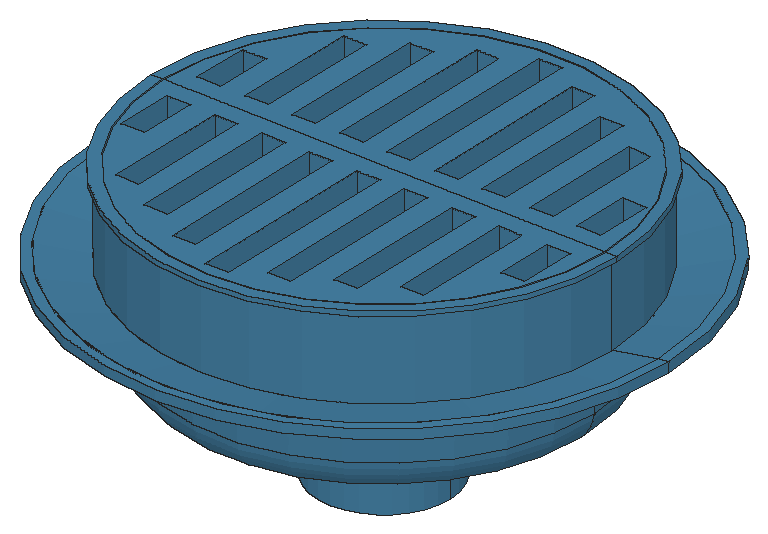
Revit family "Drain_Floor_Round_Top-Zurn-Z541-Heavy-Duty", category Plumbing Fixtures, Revit 2022
Family settings
  Round Connector Dimension = Use Radius
  Part Type = Normal
  OmniClass Number = 23.45.55.21
  OmniClass Title = Drains (Wastes)
  Work Plane-Based = No
  Always vertical = Yes
  Cut with Voids When Loaded = No
  Maintain Annotation Orientation = No
  Shared = No
  Room Calculation Point = No
Parameters (values of type "Load Family Catalog")
  ZN-Top = no
  Waste Connection = 1 = 1  # yes
  WFU = 0  # constant formula
  Vent Connection = 1 = 0  # no
  URL = "www.zurn.com"
  Type Comments = "Z541-3 Inch Inside Caulk Outlet"
  Trap Primer = 1 = 1  # yes
  Top diameter = 12.250"
  Grate Open Area (Sq. In) = "30"
  Grater Material = Iron - Zurn - Cast - Painted - Blue
  Product data url = "https://www.bimobject.com/en/zurnindustries/product/zurn-z541"
  Product Page URL = "https://www.zurn.com/products/drainage-interceptors/floor-drains/area-drains/z541"
  Product Installation Sheet URL = "https://www.zurn.com/media-library/web_documents/pdfs/installation/fd19-pdf.pdf"
  Product Documentation Link = "https://files.zurn.com/spec-sheets/z541.pdf"
  Frame Height = 2.000"
  Connector Radius = [A_ Pipe Size (Nominal)] / 2  # 1.500"
  Model = "Z541-3IC"
  Main Material = Iron - Zurn - Cast - Painted - Blue
  HWFU = 0  # constant formula
  HW Connection = 1 = 0  # no
  Description = "12-1/4 [311] DIAMETER TOP HEAVY-DUTY DRAIN"  # constant formula
  CWFU = 0  # constant formula
  CW Connection = 1 = 0  # no
  Assembly Code = "D2030300"
  A_ Pipe Size (Nominal) = 3.000"
  A_ Pipe Size (Actual-Outer) = 3.500"
  A_ Pipe Size (Actual-Inner) = 2.998"
  Modified Date = "08/13/2025"  # constant formula
  Manufacurer Brand = "Zurn"  # constant formula
  Manufacturer = "Zurn Water, LLC"  # constant formula
  E_ Body Height = 5.250"
  Default Elevation = 4.000"  # constant formula
  Date Created = "01/19/2018"  # constant formula
  Approx. Weight (Lbs) = 51.000"
Reference planes (in)
  plane 1 "Center (Front/Back)": y = 0
  plane 2 "Top Level": z = -2
  plane 3 "Center (Left/Right)": x = 0
  plane 4: through (-4.38902, 4.38902, 48) normal (0.7071, 0.7071, 0)
  plane 5: through (4.7432, 4.7432, 48) normal (0.7071, -0.7071, 0)
  plane 6: x = -7.5
  plane 7: x = 7.5
  plane 8: x = -6.125
  plane 9: x = 6.125
  plane 10: x = -5.8125
  plane 11: x = 5.8125
  plane 12: x = -5.6875
  plane 13: x = 5.6875
  plane 14: z = -0.125
  plane 15: z = -0.625
  plane 16: x = -7.25
  plane 17: x = 7.25
  plane 18: x = -6
  plane 19: x = -1.75
  plane 20: x = 1.75
  plane 21: x = -1.499
  plane 22: x = 1.499
  plane 23: z = -4.5625
  plane 24: z = -4.8125
  plane 25: x = -5.4375
  plane 26: z = -7.25
  plane 27: z = -2.25
  plane 28: z = 0
  plane 29: y = 0.5
  plane 30: y = 5.5
  plane 31: y = 5
  plane 32: y = 3.75
  plane 33: y = 2
  plane 34: y = 4.375
  plane 35: y = -0.5
  plane 36: y = -3.75
  plane 37: y = -4.375
  plane 38: y = -5.5
  plane 39: y = -5
  plane 40: y = -2
  plane 41: x = -0.3125
  plane 42: x = -0.9375
  plane 43: x = -1.5625
  plane 44: x = -2.1875
  plane 45: x = -2.8125
  plane 46: x = -3.4375
  plane 47: x = -4.0625
  plane 48: x = -4.6875
  plane 49: x = -5.3125
  plane 50: x = 0.3125
  plane 51: x = 0.9375
  plane 52: x = 1.5625
  plane 53: x = 2.1875
  plane 54: x = 2.8125
  plane 55: x = 3.4375
  plane 56: x = 4.0625
  plane 57: x = 4.6875
  plane 58: x = 5.3125
  plane 59: y = 1.75
  plane 60: y = -1.75
  plane 61: x = -6.125
  plane 62: x = 6.125
  plane 63: y = 6.125
  plane 64: y = -6.125
Forms (in)
  Revolve 1, solid, material "Iron - Zurn - Cast - Painted - Blue" <- "Main Material", detail levels fine
    sketch origin (0, 0, 0) x (1, 0, 0) y (0, 0, 1)
      loop
        line (-7.5, -2) -> (-7.5, -2.25) -> (-7.27407, -2.25) -> (-6.12272, -2.4738)
        arc (-6.12272, -2.4738) -> (-5.77751, -2.66911) -> (-5.61935, -3.03285) r 0.625
        line (-5.61935, -3.03285) -> (-5.54351, -3.89966)
        arc (-5.54351, -3.89966) -> (-5.22291, -4.54978) -> (-4.54732, -4.8125) r 1
        line (-4.54732, -4.8125) -> (-2.25, -4.8125)
        arc (-2.25, -4.8125) -> (-1.89645, -4.95895) -> (-1.75, -5.3125) r 0.5
        line (-1.75, -5.3125) -> (-1.75, -7.25) -> (-1.499, -7.25) -> (-1.499, -4.5625) -> (-4.54732, -4.5625)
        arc (-4.54732, -4.5625) -> (-5.05401, -4.36546) -> (-5.29447, -3.87787) r 0.75
        line (-5.29447, -3.87787) -> (-5.4375, -2.24298) -> (-6, -2.24298) -> (-7.25, -2) -> (-7.5, -2)
      axis (0, -7.25) -> (0, -2)
    angle from 0 to 360
  Revolve 2, solid, material "Iron - Zurn - Cast - Painted - Blue" <- "Main Material", detail levels fine
    sketch origin (0, 0, 0) x (1, 0, 0) y (0, 0, 1)
      loop
        line (-6.125, 0) -> (-6.125, -0.125) -> (-6, -0.125) -> (-6, -2.25) -> (-5.6875, -2.25) -> (-5.6875, -0.625) -> (-5.8125, -0.625) -> (-5.8125, 0) -> (-6.125, 0)
      axis (0, 0) -> (0, -2.25)
    angle from 0 to 360
  Revolve 3, solid, material "Iron - Zurn - Cast - Painted - Blue" <- "Grater Material", detail levels fine
    sketch origin (0, 0, 0) x (1, 0, 0) y (0, 0, 1)
      loop
        line (0, 0) -> (0, -0.625) -> (5.8125, -0.625) -> (5.8125, 0) -> (0, 0)
      axis (0, 0) -> (0, -0.625)
    angle from 0 to 360
  Revolve 4, solid, material "Iron - Zurn - Cast - Painted - Blue" <- "Grater Material", visible <- "ZN-Top", detail levels fine
    sketch origin (0, 0, 0) x (1, 0, 0) y (0, 0, 1)
      loop
        line (0, 0) -> (6.125, 0) -> (6.125, -0.625) -> (6.5, -0.625) -> (6.5, 0.1875) -> (0, 0.1875) -> (0, 0)
      axis (0, 0.1875) -> (0, -0.625)
    angle from 0 to 360
  Extrusion 5, void
    sketch origin (0, 0, -2) x (1, 0, 0) y (0, 1, 0)
      loop
        line (-0.3125, 5.5) -> (-0.3125, 0.5) -> (0.3125, 0.5) -> (0.3125, 5.5) -> (-0.3125, 5.5)
      loop
        line (2.1875, 4.375) -> (2.1875, 0.5) -> (2.8125, 0.5) -> (2.8125, 4.375) -> (2.1875, 4.375)
      loop
        line (3.4375, 3.75) -> (3.4375, 0.5) -> (4.0625, 0.5) -> (4.0625, 3.75) -> (3.4375, 3.75)
      loop
        line (4.6875, 2) -> (4.6875, 0.5) -> (5.3125, 0.5) -> (5.3125, 2) -> (4.6875, 2)
      loop
        line (-2.8125, 4.375) -> (-2.8125, 0.5) -> (-2.1875, 0.5) -> (-2.1875, 4.375) -> (-2.8125, 4.375)
      loop
        line (-4.0625, 3.75) -> (-4.0625, 0.5) -> (-3.4375, 0.5) -> (-3.4375, 3.75) -> (-4.0625, 3.75)
      loop
        line (-5.3125, 2) -> (-5.3125, 0.5) -> (-4.6875, 0.5) -> (-4.6875, 2) -> (-5.3125, 2)
      loop
        line (-1.5625, 5) -> (-1.5625, 0.5) -> (-0.9375, 0.5) -> (-0.9375, 5) -> (-1.5625, 5)
      loop
        line (0.9375, 5) -> (0.9375, 0.5) -> (1.5625, 0.5) -> (1.5625, 5) -> (0.9375, 5)
      loop
        line (-5.3125, -0.5) -> (-5.3125, -2) -> (-4.6875, -2) -> (-4.6875, -0.5) -> (-5.3125, -0.5)
      loop
        line (-4.0625, -0.5) -> (-4.0625, -3.75) -> (-3.4375, -3.75) -> (-3.4375, -0.5) -> (-4.0625, -0.5)
      loop
        line (-2.8125, -0.5) -> (-2.8125, -4.375) -> (-2.1875, -4.375) -> (-2.1875, -0.5) -> (-2.8125, -0.5)
      loop
        line (-1.5625, -0.5) -> (-1.5625, -5) -> (-0.9375, -5) -> (-0.9375, -0.5) -> (-1.5625, -0.5)
      loop
        line (-0.3125, -0.5) -> (-0.3125, -5.5) -> (0.3125, -5.5) -> (0.3125, -0.5) -> (-0.3125, -0.5)
      loop
        line (0.9375, -0.5) -> (0.9375, -5) -> (1.5625, -5) -> (1.5625, -0.5) -> (0.9375, -0.5)
      loop
        line (2.1875, -0.5) -> (2.1875, -4.375) -> (2.8125, -4.375) -> (2.8125, -0.5) -> (2.1875, -0.5)
      loop
        line (3.4375, -0.5) -> (3.4375, -3.75) -> (4.0625, -3.75) -> (4.0625, -0.5) -> (3.4375, -0.5)
      loop
        line (4.6875, -0.5) -> (4.6875, -2) -> (5.3125, -2) -> (5.3125, -0.5) -> (4.6875, -0.5)
    from 1.375 to 2.1875
Cuts and joins
  Extrusion 5 cuts Revolve 2
  Extrusion 5 cuts Revolve 3
  Extrusion 5 cuts Revolve 4
Lines and regions (in)
  Masking region 1, detail levels fine
    outline origin (0, 0, -2) x (1, 0, 0) y (0, 1, 0)
      loop
        circle (0, 0) r 7.5
  model lines, detail levels coarse+medium
    curve 1: line (0, 0, 0) -> (0, 0, -7.25)
    curve 2: line (-1.75, 0, -7.25) -> (1.75, 0, -7.25)
    curve 3: line (0, 1.75, -7.25) -> (0, -1.75, -7.25)
    curve 11: circle (0, 0, 0) r 6.125 normal (0, 0, 1)
    curve 12: line (-4.6875, 3.94246, 0) -> (-4.6875, -3.94246, 0)
    curve 13: line (-3.4375, 5.06944, 0) -> (-3.4375, -5.06944, 0)
    curve 14: line (-2.1875, 5.72105, 0) -> (-2.1875, -5.72105, 0)
    curve 15: line (0, 6.125, 0) -> (0, -6.125, 0)
    curve 16: line (4.6875, 3.94246, 0) -> (4.6875, -3.94246, 0)
    curve 17: line (3.4375, 5.06944, 0) -> (3.4375, -5.06944, 0)
    curve 18: line (2.1875, -5.72105, 0) -> (2.1875, 5.72105, 0)
    curve 19: line (0.9375, 6.05283, 0) -> (0.9375, -6.05283, 0)
    curve 20: line (-0.9375, 6.05283, 0) -> (-0.9375, -6.05283, 0)
    curve 21: line (-3.53774, 5, 0) -> (3.53774, 5, 0)
    curve 22: line (-4.84284, 3.75, 0) -> (4.84284, 3.75, 0)
    curve 23: line (-5.78927, 2, 0) -> (5.78927, 2, 0)
    curve 24: line (-6.125, 0, 0) -> (6.125, 0, 0)
    curve 25: line (-6.04282, 1, 0) -> (6.04282, 1, 0)
    curve 26: line (-5.40833, 2.875, 0) -> (5.40833, 2.875, 0)
    curve 27: line (-6.04282, -1, 0) -> (6.04282, -1, 0)
    curve 28: line (-5.78927, -2, 0) -> (5.78927, -2, 0)
    curve 29: line (-5.40833, -2.875, 0) -> (5.40833, -2.875, 0)
    curve 30: line (-4.84284, -3.75, 0) -> (4.84284, -3.75, 0)
    curve 31: line (-3.52101, -5, 0) -> (3.53774, -5, 0)
  symbolic lines, detail levels coarse+medium
    curve 4: line (0, 0, -7.25) -> (0, 0, 0)
    curve 5: line (0, -1.75, -7.25) -> (0, 1.75, -7.25)
    curve 6: line (-1.75, 0, -7.25) -> (1.75, 0, -7.25)
    curve 7: line (0, 0, -7.25) -> (0, 0, 0)
    curve 8: line (-6.125, 0, 0) -> (6.125, 0, 0)
    curve 9: line (0, 6.125, 0) -> (0, -6.125, 0)
    curve 10: circle (0, 0, -2) r 6.125 normal (0, 0, 1)
Dimensions and locks (in)
  locked: plane 3 "Center (Left/Right)" to plane 4
  locked: plane 5 to plane 4
  level to plane 2 "Top Level" = 2.000"
  equal spacing: plane 7, plane 3 "Center (Left/Right)", plane 6, locked at 7.5 each
  locked: plane 7 to plane 6 at 15
  equal spacing: plane 9, plane 3 "Center (Left/Right)", plane 8, locked at 6.125 each
  locked: plane 9 to plane 8 at 12.25
  locked: plane 10 to plane 8 at 0.3125
  locked: plane 9 to plane 11 at 0.3125
  locked: plane 12 to plane 8 at 0.4375
  locked: plane 9 to plane 13 at 0.4375
  locked: plane 16 to plane 6 at 0.25
  locked: plane 7 to plane 17 at 0.25
  locked: plane 18 to plane 6 at 1.5
  equal spacing: plane 19, plane 3 "Center (Left/Right)", plane 20
  "A_ Pipe Size (Actual-Outer)": plane 19 to plane 20
  equal spacing: plane 22, plane 3 "Center (Left/Right)", plane 21
  "A_ Pipe Size (Actual-Inner)": plane 22 to plane 21
  locked: plane 2 "Top Level" to plane 23 at 2.5625
  locked: plane 23 to plane 24 at 0.25
  locked: plane 25 to plane 6 at 2.0625
  "E_ Body Height": plane 2 "Top Level" to plane 26
  locked: plane 2 "Top Level" to plane 27 at 0.25
  locked: Revolve 1 sketch curve to Revolve 1 sketch curve at 0.25  (x2)
  locked: plane 3 "Center (Left/Right)" to Revolve 1 sketch curve at 6.24197
  locked: plane 2 "Top Level" to Revolve 1 sketch curve at 1.08732
  plane 25 to Revolve 1 sketch curve = 0.89018"
  Revolve 1 sketch curve to plane 24 = 1.000"
  locked: Revolve 1 sketch curve to plane 19 at 0.5
  locked: plane 24 to Revolve 1 sketch curve at 0.5
  locked: plane 28 to plane 14 at 0.125
  locked: plane 28 to plane 15 at 0.625
  locked: plane 28 to plane 2 "Top Level" at 2
  locked: Revolve 4 sketch curve to plane 9 at 0.375
  locked: Revolve 4 sketch curve to plane 28 at 0.1875
  "Frame Height": level to plane 2 "Top Level"
  locked: plane 1 "Center (Front/Back)" to plane 29 at 0.5
  locked: plane 30 to plane 1 "Center (Front/Back)" at 5.5
  plane 30 to plane 31 = 0.500"
  locked: plane 32 to plane 33 at 1.75
  locked: plane 34 to plane 31 at 0.625
  plane 40 to plane 36 = 1.750"
  plane 36 to plane 37 to plane 39 to plane 38 = 0.625" locked, 0.625" locked, 0.500" locked
  locked: plane 38 to plane 1 "Center (Front/Back)" at 5.5
  locked: plane 1 "Center (Front/Back)" to plane 35 at 0.5
  plane 46 to plane 45 to plane 44 to plane 43 to plane 42 to plane 41 = 0.625" locked, 0.625" locked, 0.625" locked, 0.625" locked, 0.625" locked
  locked: plane 41 to plane 3 "Center (Left/Right)" at 0.3125
  plane 49 to plane 48 to plane 47 to plane 46 = 0.625" locked, 0.625" locked, 0.625" locked
  plane 55 to plane 54 to plane 53 to plane 52 to plane 51 to plane 50 = 0.625" locked, 0.625" locked, 0.625" locked, 0.625" locked, 0.625" locked
  plane 58 to plane 57 to plane 56 to plane 55 = 0.625" locked, 0.625" locked, 0.625" locked
  locked: plane 41 to plane 50 at 0.625
  locked: plane 34 to plane 32 at 0.625
  "A_ Pipe Size (Actual-Outer)": plane 59 to plane 60
  equal spacing: plane 59, plane 1 "Center (Front/Back)", plane 60
  "Top diameter": plane 62 to plane 61
  equal spacing: plane 62, plane 3 "Center (Left/Right)", plane 61
  "Top diameter": plane 63 to plane 64
  equal spacing: plane 63, plane 1 "Center (Front/Back)", plane 64
  locked: plane 1 "Center (Front/Back)" to curve 25 at 1
  locked: curve 26 to plane 33 at 0.875
  locked: curve 27 to plane 1 "Center (Front/Back)" at 1
  locked: curve 29 to plane 40 at 0.875
  radius of Revolve 1 sketch curve = 0.625"
  radius of Revolve 1 sketch curve = 0.750"
  radius of Revolve 1 sketch curve = 1.000"  (x2)
  radius of Revolve 1 sketch curve = 0.500"
  diameter of Masking region 1 sketch curve = 15.000"
  "Top diameter": diameter of curve 10
  "Top diameter": diameter of curve 11
  angle Revolve 1 sketch curve to Revolve 1 sketch curve = 95.00°
  angle Revolve 1 sketch curve to plane 2 "Top Level" = 11.00°
  aligned and locked: Revolve 1 sketch curve to plane 6
  aligned and locked: plane 16 to Revolve 1 sketch curve
  aligned and locked: Revolve 1 sketch curve to plane 2 "Top Level"
  aligned and locked: Revolve 1 sketch curve to plane 23
  aligned and locked: Revolve 1 sketch curve to plane 19
  aligned and locked: Revolve 1 sketch curve to plane 21
  aligned and locked: plane 23 to Revolve 1 sketch curve
  aligned and locked: plane 3 "Center (Left/Right)" to Revolve 1 sketch curve
  aligned and locked: plane 26 to Revolve 1 sketch curve
  aligned and locked: Revolve 1 sketch curve to plane 27
  aligned and locked: plane 18 to Revolve 1 sketch curve
  aligned and locked: plane 25 to Revolve 1 sketch curve
  aligned and locked: plane 8 to Revolve 2 sketch curve
  aligned and locked: plane 18 to Revolve 2 sketch curve
  aligned and locked: Revolve 2 sketch curve to plane 10
  aligned and locked: Revolve 2 sketch curve to plane 12
  aligned and locked: plane 14 to Revolve 2 sketch curve
  aligned and locked: Revolve 2 sketch curve to plane 28
  aligned and locked: Revolve 2 sketch curve to plane 15
  aligned and locked: level to Revolve 2 sketch curve
  aligned and locked: Revolve 2 sketch curve to Revolve 1
  aligned and locked: Revolve 2 sketch curve to plane 3 "Center (Left/Right)"
  aligned and locked: plane 27 to Revolve 2 sketch curve
  aligned and locked: Revolve 3 sketch curve to plane 3 "Center (Left/Right)"  (x2)
  aligned and locked: Revolve 3 sketch curve to plane 15
  aligned and locked: plane 11 to Revolve 3 sketch curve
  aligned and locked: plane 28 to Revolve 3 sketch curve
  aligned and locked: level to Revolve 3 sketch curve
  aligned and locked: Revolve 3 sketch curve to Revolve 1
  aligned and locked: Revolve 4 sketch curve to plane 15
  aligned and locked: Revolve 4 sketch curve to plane 3 "Center (Left/Right)"  (x2)
  aligned and locked: Revolve 4 sketch curve to plane 28
  aligned and locked: Revolve 4 sketch curve to plane 9
  aligned and locked: level to Revolve 4 sketch curve
  aligned and locked: Revolve 4 sketch curve to Revolve 1
  aligned and locked: plane 29 to Extrusion 5 sketch curve  (x9)
  aligned and locked: plane 49 to Extrusion 5 sketch curve  (x2)
  aligned and locked: plane 48 to Extrusion 5 sketch curve  (x2)
  aligned and locked: Extrusion 5 sketch curve to plane 33  (x2)
  aligned and locked: plane 47 to Extrusion 5 sketch curve  (x2)
  aligned and locked: Extrusion 5 sketch curve to plane 46  (x2)
  aligned and locked: Extrusion 5 sketch curve to plane 32  (x2)
  aligned and locked: Extrusion 5 sketch curve to plane 45  (x2)
  aligned and locked: Extrusion 5 sketch curve to plane 44  (x2)
  aligned and locked: plane 34 to Extrusion 5 sketch curve  (x2)
  aligned and locked: Extrusion 5 sketch curve to plane 30
  aligned and locked: plane 41 to Extrusion 5 sketch curve  (x2)
  aligned and locked: plane 50 to Extrusion 5 sketch curve  (x2)
  aligned and locked: Extrusion 5 sketch curve to plane 53  (x2)
  aligned and locked: Extrusion 5 sketch curve to plane 54  (x2)
  aligned and locked: Extrusion 5 sketch curve to plane 55  (x2)
  aligned and locked: plane 56 to Extrusion 5 sketch curve  (x2)
  aligned and locked: plane 57 to Extrusion 5 sketch curve  (x2)
  aligned and locked: plane 58 to Extrusion 5 sketch curve  (x2)
  aligned and locked: Extrusion 5 sketch curve to plane 43  (x2)
  aligned and locked: Extrusion 5 sketch curve to plane 42  (x2)
  aligned and locked: Extrusion 5 sketch curve to plane 31  (x2)
  aligned and locked: Extrusion 5 sketch curve to plane 51  (x2)
  aligned and locked: Extrusion 5 sketch curve to plane 52  (x2)
  aligned and locked: Extrusion 5 sketch curve to plane 35  (x9)
  aligned and locked: Extrusion 5 sketch curve to plane 40  (x2)
  aligned and locked: plane 36 to Extrusion 5 sketch curve  (x2)
  aligned and locked: plane 37 to Extrusion 5 sketch curve  (x2)
  aligned and locked: Extrusion 5 sketch curve to plane 39  (x2)
  aligned and locked: Extrusion 5 sketch curve to plane 38
  aligned and locked: Extrusion 5 to plane 15
  aligned and locked: cut or joined group of Revolve 4, Extrusion 5 to Extrusion 5
  aligned and locked: plane 19 to curve 2
  aligned and locked: plane 20 to curve 2
  aligned and locked: curve 2 to plane 26
  aligned and locked: level to curve 1
  aligned and locked: plane 26 to curve 1
  aligned and locked: curve 1 to plane 3 "Center (Left/Right)"
  aligned and locked: curve 3 to plane 59
  aligned and locked: plane 60 to curve 3
  aligned and locked: curve 3 to plane 26
  aligned and locked: curve 5 to plane 59
  aligned and locked: plane 60 to curve 5
  aligned and locked: plane 26 to curve 5
  aligned and locked: level to curve 4
  aligned and locked: plane 26 to curve 4
  aligned and locked: plane 1 "Center (Front/Back)" to curve 4
  aligned and locked: plane 19 to curve 6
  aligned and locked: plane 20 to curve 6
  aligned and locked: curve 6 to plane 26
  aligned and locked: plane 3 "Center (Left/Right)" to curve 7
  aligned and locked: plane 61 to curve 8
  aligned and locked: plane 62 to curve 8
  aligned and locked: curve 8 to level
  aligned and locked: plane 64 to curve 9
  aligned and locked: plane 63 to curve 9
  aligned and locked: curve 9 to level
  aligned and locked: plane 1 "Center (Front/Back)" to Masking region 1 sketch curve
  aligned and locked: plane 3 "Center (Left/Right)" to Masking region 1 sketch curve
  aligned and locked: plane 1 "Center (Front/Back)" to curve 10
  aligned and locked: plane 3 "Center (Left/Right)" to curve 10
  aligned and locked: plane 48 to curve 12
  aligned and locked: curve 13 to plane 46
  aligned and locked: curve 14 to plane 44
  aligned and locked: plane 63 to curve 15
  aligned and locked: curve 15 to plane 3 "Center (Left/Right)"
  aligned and locked: curve 16 to plane 57
  aligned and locked: plane 55 to curve 17
  aligned and locked: curve 18 to plane 53
  aligned and locked: plane 51 to curve 19
  aligned and locked: curve 20 to plane 42
  aligned and locked: curve 21 to plane 31
  aligned and locked: curve 22 to plane 32
  aligned and locked: curve 23 to plane 33
  aligned and locked: plane 61 to curve 24
  aligned and locked: plane 1 "Center (Front/Back)" to curve 24
  aligned and locked: plane 40 to curve 28
  aligned and locked: curve 30 to plane 36
  aligned and locked: plane 39 to curve 31
Automatic sketch dimensions
  Revolve 1 sketch curve to level = 0.000"
  Revolve 1 sketch curve to plane 26 = 1.42324"
  curve 31 to plane 46 = 0.08351"
Connectors (in)
  piping at (0, 0, -7.25), diameter 3, driven by "Connector Radius", driven by "Waste Connection"
    settings: on Revolve 1, index 1, connector inside diameter 24", connector length 0.000", flow factor 0, pipe flow 0 GPM, pressure drop 0.00 psi, fitting loss kfactor 0, connector angle 0.00°, fixture units 0, engagement length 0.000", angle of deflection 0.00°, flow configuration 0, flow direction 2, fitting loss method 0, system type 16, joint type 0, gender type 0, connector reference index -1, connector utility 1, adjustable connector no, is connector primary yes, connector description "Sanitary Outlet"
Types in the file's own list only (32): name | ZN-Top | Type Comments | Top diameter | Grater Material | Frame Height | Connector Radius | Model | A_ Pipe Size (Nominal) | A_ Pipe Size (Actual-Outer) | A_ Pipe Size (Actual-Inner) | E_ Body Height | Default Elevation | Approx. Weight (Lbs)
  Z541-3IC | No | "Z541-3 Inch Inside Caulk Outlet" | 12.250 " | Iron - Zurn - Cast - Painted - Blue | 2.000 " | 1.500 " | "Z541-3IC" | 3.000 " | 3.500 " | 2.998 " | 5.250 " | 4.000 " | 51.000 "
  Z541-4IC | No | "Z541-4 Inch Inside Caulk Outlet" | 12.250 " | Iron - Zurn - Cast - Painted - Blue | 2.000 " | 2.000 " | "Z541-4IC" | 4.000 " | 4.500 " | 4.026 " | 5.250 " | 4.000 " | 51.000 "
  Z541-6IC | No | "Z541-6 Inch Inside Caulk Outlet" | 12.250 " | Iron - Zurn - Cast - Painted - Blue | 2.000 " | 3.000 " | "Z541-6IC" | 6.000 " | 6.625 " | 6.065 " | 5.250 " | 4.000 " | 52.000 "
  Z541-2IP | No | "Z541-2 Inch Threaded Outlet" | 12.250 " | Iron - Zurn - Cast - Painted - Blue | 2.000 " | 1.000 " | "Z541-2IP" | 2.000 " | 2.375 " | 2.067 " | 3.750 " | 4.000 " | 51.000 "
  Z541-3IP | No | "Z541-3 Inch Threaded Outlet" | 12.250 " | Iron - Zurn - Cast - Painted - Blue | 2.000 " | 1.500 " | "Z541-3IP" | 3.000 " | 3.500 " | 2.998 " | 3.750 " | 4.000 " | 51.000 "
  Z541-4IP | No | "Z541-4 Inch Threaded Outlet" | 12.250 " | Iron - Zurn - Cast - Painted - Blue | 2.000 " | 2.000 " | "Z541-4IP" | 4.000 " | 4.500 " | 4.026 " | 3.750 " | 4.000 " | 51.000 "
  Z541-6IP | No | "Z541-6 Inch Threaded Outlet" | 12.250 " | Iron - Zurn - Cast - Painted - Blue | 2.000 " | 3.000 " | "Z541-6IP" | 6.000 " | 6.625 " | 6.065 " | 3.750 " | 4.000 " | 52.000 "
  Z541-8IP | No | "Z541-8 Inch Threaded Outlet" | 12.250 " | Iron - Zurn - Cast - Painted - Blue | 2.000 " | 4.000 " | "Z541-8IP" | 8.000 " | 8.625 " | 7.981 " | 3.750 " | 4.000 " | 53.000 "
  Z541-2NH | No | "Z541-2 Inch No-Hub Outlet" | 12.250 " | Iron - Zurn - Cast - Painted - Blue | 2.000 " | 1.000 " | "Z541-2NH" | 2.000 " | 2.375 " | 2.067 " | 5.250 " | 4.000 " | 51.000 "
  Z541-3NH | No | "Z541-3 Inch No-Hub Outlet" | 12.250 " | Iron - Zurn - Cast - Painted - Blue | 2.000 " | 1.500 " | "Z541-3NH" | 3.000 " | 3.500 " | 2.998 " | 5.250 " | 4.000 " | 51.000 "
  Z541-4NH | No | "Z541-4 Inch No-Hub Outlet" | 12.250 " | Iron - Zurn - Cast - Painted - Blue | 2.000 " | 2.000 " | "Z541-4NH" | 4.000 " | 4.500 " | 4.026 " | 5.250 " | 4.000 " | 51.000 "
  Z541-6NH | No | "Z541-6 Inch No-Hub Outlet" | 12.250 " | Iron - Zurn - Cast - Painted - Blue | 2.000 " | 3.000 " | "Z541-6NH" | 6.000 " | 6.625 " | 6.065 " | 5.250 " | 4.000 " | 52.000 "
  Z541-8NH | No | "Z541-8 Inch No-Hub Outlet" | 12.250 " | Iron - Zurn - Cast - Painted - Blue | 2.000 " | 4.000 " | "Z541-8NH" | 8.000 " | 8.625 " | 7.981 " | 5.250 " | 4.000 " | 53.000 "
  Z541-2NL | No | "Z541-2 Inch Neo-Loc Outlet" | 12.250 " | Iron - Zurn - Cast - Painted - Blue | 2.000 " | 1.000 " | "Z541-2NL" | 2.000 " | 2.375 " | 2.067 " | 4.625 " | 4.000 " | 51.000 "
  Z541-3NL | No | "Z541-3 Inch Neo-Loc Outlet" | 12.250 " | Iron - Zurn - Cast - Painted - Blue | 2.000 " | 1.500 " | "Z541-3NL" | 3.000 " | 3.500 " | 2.998 " | 4.625 " | 4.000 " | 51.000 "
  Z541-4NL | No | "Z541-4 Inch Neo-Loc Outlet" | 12.250 " | Iron - Zurn - Cast - Painted - Blue | 2.000 " | 2.000 " | "Z541-4NL" | 4.000 " | 4.500 " | 4.026 " | 4.625 " | 4.000 " | 51.000 "
  ZN541-3IC | Yes | "ZN541-3 Inch Inside Caulk Outlet with Polished Nickel Bronze Top" | 13.000 " | Bronze - Zurn - Polished Nickel | 2.188 " | 1.500 " | "ZN541-3IC" | 3.000 " | 3.500 " | 2.998 " | 5.250 " | 4.000 " | 51.000 "
  ZN541-4IC | Yes | "ZN541-4 Inch Inside Caulk Outlet with Polished Nickel Bronze Top" | 13.000 " | Bronze - Zurn - Polished Nickel | 2.188 " | 2.000 " | "ZN541-4IC" | 4.000 " | 4.500 " | 4.026 " | 5.250 " | 4.000 " | 51.000 "
  ZN541-6IC | Yes | "ZN541-6 Inch Inside Caulk Outlet with Polished Nickel Bronze Top" | 13.000 " | Bronze - Zurn - Polished Nickel | 2.188 " | 3.000 " | "ZN541-6IC" | 6.000 " | 6.625 " | 6.065 " | 5.250 " | 4.000 " | 52.000 "
  ZN541-2IP | Yes | "ZN541-2 Inch Threaded Outlet with Polished Nickel Bronze Top" | 13.000 " | Bronze - Zurn - Polished Nickel | 2.188 " | 1.000 " | "ZN541-2IP" | 2.000 " | 2.375 " | 2.067 " | 3.750 " | 4.000 " | 51.000 "
  ZN541-3IP | Yes | "ZN541-3 Inch Threaded Outlet with Polished Nickel Bronze Top" | 13.000 " | Bronze - Zurn - Polished Nickel | 2.188 " | 1.500 " | "ZN541-3IP" | 3.000 " | 3.500 " | 2.998 " | 3.750 " | 4.000 " | 51.000 "
  ZN541-4IP | Yes | "ZN541-4 Inch Threaded Outlet with Polished Nickel Bronze Top" | 13.000 " | Bronze - Zurn - Polished Nickel | 2.188 " | 2.000 " | "ZN541-4IP" | 4.000 " | 4.500 " | 4.026 " | 3.750 " | 4.000 " | 51.000 "
  ZN541-6IP | Yes | "ZN541-6 Inch Threaded Outlet with Polished Nickel Bronze Top" | 13.000 " | Bronze - Zurn - Polished Nickel | 2.188 " | 3.000 " | "ZN541-6IP" | 6.000 " | 6.625 " | 6.065 " | 3.750 " | 4.000 " | 52.000 "
  ZN541-8IP | Yes | "ZN541-8 Inch Threaded Outlet with Polished Nickel Bronze Top" | 13.000 " | Bronze - Zurn - Polished Nickel | 2.188 " | 4.000 " | "ZN541-8IP" | 8.000 " | 8.625 " | 7.981 " | 3.750 " | 4.000 " | 53.000 "
  ZN541-2NH | Yes | "ZN541-2 Inch No-Hub Outlet with Polished Nickel Bronze Top" | 13.000 " | Bronze - Zurn - Polished Nickel | 2.188 " | 1.000 " | "ZN541-2NH" | 2.000 " | 2.375 " | 2.067 " | 5.250 " | 4.000 " | 51.000 "
  ZN541-3NH | Yes | "ZN541-3 Inch No-Hub Outlet with Polished Nickel Bronze Top" | 13.000 " | Bronze - Zurn - Polished Nickel | 2.188 " | 1.500 " | "ZN541-3NH" | 3.000 " | 3.500 " | 2.998 " | 5.250 " | 4.000 " | 51.000 "
  ZN541-4NH | Yes | "ZN541-4 Inch No-Hub Outlet with Polished Nickel Bronze Top" | 13.000 " | Bronze - Zurn - Polished Nickel | 2.188 " | 2.000 " | "ZN541-4NH" | 4.000 " | 4.500 " | 4.026 " | 5.250 " | 4.000 " | 51.000 "
  ZN541-6NH | Yes | "ZN541-6 Inch No-Hub Outlet with Polished Nickel Bronze Top" | 13.000 " | Bronze - Zurn - Polished Nickel | 2.188 " | 3.000 " | "ZN541-6NH" | 6.000 " | 6.625 " | 6.065 " | 5.250 " | 4.000 " | 52.000 "
  ZN541-8NH | Yes | "ZN541-8 Inch No-Hub Outlet with Polished Nickel Bronze Top" | 13.000 " | Bronze - Zurn - Polished Nickel | 2.188 " | 4.000 " | "ZN541-8NH" | 8.000 " | 8.625 " | 7.981 " | 5.250 " | 4.000 " | 53.000 "
  ZN541-2NL | Yes | "ZN541-2 Inch Neo-Loc Outlet with Polished Nickel Bronze Top" | 13.000 " | Bronze - Zurn - Polished Nickel | 2.188 " | 1.000 " | "ZN541-2NL" | 2.000 " | 2.375 " | 2.067 " | 4.625 " | 4.000 " | 51.000 "
  ZN541-3NL | Yes | "ZN541-3 Inch Neo-Loc Outlet with Polished Nickel Bronze Top" | 13.000 " | Bronze - Zurn - Polished Nickel | 2.188 " | 1.500 " | "ZN541-3NL" | 3.000 " | 3.500 " | 2.998 " | 4.625 " | 4.000 " | 51.000 "
  ZN541-4NL | Yes | "ZN541-4 Inch Neo-Loc Outlet with Polished Nickel Bronze Top" | 13.000 " | Bronze - Zurn - Polished Nickel | 2.188 " | 2.000 " | "ZN541-4NL" | 4.000 " | 4.500 " | 4.026 " | 4.625 " | 4.000 " | 51.000 "
